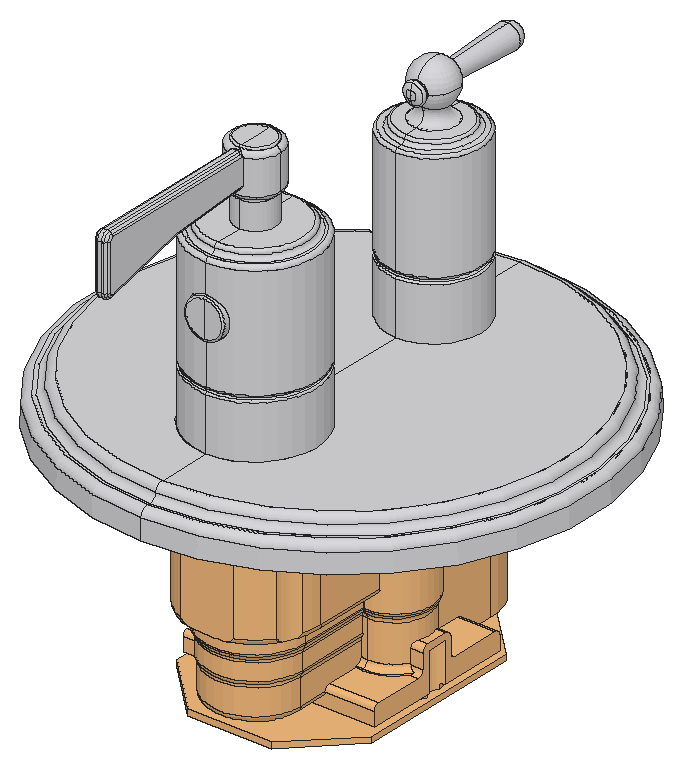
Revit family "Shower-Valve_Trim-KOHLER-MODULO-K-72818T_1", category Plumbing Fixtures, host Face, Revit 2017
Family settings
  Host = Face
  Round Connector Dimension = Use Diameter
  Part Type = Normal
  OmniClass Number = 23.31.25.00
  Cut with Voids When Loaded = No
  Shared = No
  Room Calculation Point = No
Parameters (values of type "CP-Polished Chrome")
  Width = 7 11/128"  # constant formula
  WaterSense Certified = 1 = 0  # no
  Waste Water Outlet = "Waste Water Outlet"  # constant formula
  Waste Connection = 1 = 0  # no
  Vent Connection = 1 = 0  # no
  URL = "http://www.kohler.com.cn/"
  Type = 1
  Tempered Water Outlet = "Tempered Water Outlet "  # constant formula
  Product Page URL = "https://www.kohler.com.cn/product/K-72818T-4/K-72818T-4-CP/"
  Product Name = "MODULO"  # constant formula
  Product Documentation Link = "https://files.kohler.com.cn/pdfs/1595311135200_1232851-2_A1.pdf"
  Pressure = 11.00 psi  # constant formula
  Model = "K-72818T-4-CP"  # constant formula
  Handle Clearance = 2 199/256"  # constant formula
  Material = "Premium Metal Construction"  # constant formula
  Master Format 2014 Name = "Residential Showers"  # constant formula
  Master Format 2014 = "22 42 23"  # constant formula
  Manufacturer Address = "Kohler Beijing Office (100016) 36-2-03-B, No. 88, Liuxiang Road, Beijing"  # constant formula
  Manufacturer = "KOHLER Co."  # constant formula
  Length = 4.23228"  # constant formula
  Hot Water Inlet = "Hot Water Inlet"  # constant formula
  Height = 7 11/128"  # constant formula
  HW Connection = 1 = 1  # yes
  Flow Rate = 0 GPM
  Finish = Kohler-Metal-CP-Polished_Chrome
  Environmental Product Declaration = ""
  Drain Included = 1 = 0  # no
  Description = "Smart matching valve core series Smart matching round thermostatic in-wall shower valve core and panel (Yaqi handle)"  # constant formula
  Default Elevation = 42"
  Declare Label = ""
  Date Modified = "10/09/2020"  # constant formula
  Date Created = "10/09/2020"  # constant formula
  Copyright = "Copyright KOHLER Co."  # constant formula
  Contact Us = "http://www.kohler.com.cn/contact/contact-us/"
  Cold Water Inlet = "Cold Water Inlet"  # constant formula
  CW Connection = 1 = 1  # yes
  Assembly Code = "D2010700"
  ADA Compliant = 1 = 0  # no
Reference planes (in)
  plane 1 "Center (Front/Back)": y = 0
  plane 2: z = 0
  plane 3 "Center (Left/Right)": x = 0
  plane 4: x = -3.54346
  plane 5: x = -0.86614
  plane 6: z = 3.53149
  plane 7: x = 0.63921
  plane 8: x = 3.54247
  plane 9: z = 0.59055
  plane 10: y = 3.54331
  plane 11: y = -3.54262
  plane 12: y = 2.30318
  plane 13: y = -0.6496
  plane 14: y = -2.38188
  plane 15: y = 3.11182
  plane 16: y = -4.29309
  plane 17: y = 1.63386
  plane 18: y = -1.51574
  plane 19: y = 0.96455
  plane 20: z = 4.23228
  plane 21: z = -3.10856
  plane 22: x = 0.86614
  plane 23: x = 0.66929
  plane 24: x = -0.66929
  plane 25: z = 3.84815
Forms (in)
  Extrusion 1, void
    sketch origin (0, 0, 0) x (1, 0, 0) y (0, 1, 0)
      loop
        line (-1.48074, 2.53101) -> (-1.48074, -2.531) -> (1.4733, -2.531) -> (1.4733, 2.53101) -> (-1.48074, 2.53101)
    from 0.251 to -3.10856
Dimensions and locks (in)
  "Width": plane 4 to plane 8
  "Height": plane 10 to plane 11
  "Handle Clearance": plane 18 to plane 16
  "Length": level to plane 20
  plane 17 to plane 18 = 3.14961"
  level to plane 9 = 0.59055"
  plane 15 to plane 17 = 1.47795"
  aligned and locked: plane 2 to host face
  aligned and locked: level to host face
Automatic sketch dimensions
  host sketch curve to host sketch curve = 96"  (x2)
  plane 5 to Extrusion 1 sketch curve = 0.6146"
  Extrusion 1 sketch curve to plane 7 = 0.83409"
  plane 1 "Center (Front/Back)" to Extrusion 1 sketch curve = 2.531"
  Extrusion 1 sketch curve to plane 1 "Center (Front/Back)" = 2.53101"
Nested families (in)
  nested 1: "K-72818T" at (0, 0, 0), type "K-72818T"
Connectors (in)
  piping at (-0.86614, 0, -3.10856), diameter 0.5, driven by "Flow Rate", driven by "HW Connection", driven by "Hot Water Inlet", driven by "Pressure"
    settings: on nested 1, index 1, connector inside diameter 24", connector length 0", flow factor 0, pipe flow 0 GPM, pressure drop 11.00 psi, fitting loss kfactor 0, connector angle 0.00°, fixture units 0, engagement length 0", angle of deflection 0.00°, flow configuration 0, flow direction 1, fitting loss method 4, system type 19, joint type 0, gender type 0, connector reference index -1, connector utility 1, adjustable connector no, is connector primary yes, connector description "Hot Water Inlet"
  piping at (0.86614, 0, -3.10856), diameter 0.5, driven by "Flow Rate", driven by "CW Connection", driven by "Cold Water Inlet", driven by "Pressure"
    settings: on nested 1, index 2, connector inside diameter 24", connector length 0", flow factor 0, pipe flow 0 GPM, pressure drop 11.00 psi, fitting loss kfactor 0, connector angle 0.00°, fixture units 0, engagement length 0", angle of deflection 0.00°, flow configuration 0, flow direction 1, fitting loss method 4, system type 20, joint type 0, gender type 0, connector reference index -1, connector utility 1, adjustable connector no, is connector primary no, connector description "Cold Water Inlet"
  piping at (0, -1.51574, -3.10856), diameter 0.5, driven by "Flow Rate", driven by "HW Connection", driven by "Tempered Water Outlet", driven by "Pressure"
    settings: on nested 1, index 3, connector inside diameter 24", connector length 0", flow factor 0, pipe flow 0 GPM, pressure drop 11.00 psi, fitting loss kfactor 0, connector angle 0.00°, fixture units 0, engagement length 0", angle of deflection 0.00°, flow configuration 0, flow direction 2, fitting loss method 4, system type 19, joint type 0, gender type 0, connector reference index -1, connector utility 1, adjustable connector no, is connector primary no, connector description "Tempered Water Outlet "
Definition of nested family "K-72818T"
  Parameters (values of type "K-72818T")
    Material = none
  Reference planes (in)
    plane 1 "Center (Front/Back)": y = 0
    plane 2: z = 0
    plane 3 "Center (Left/Right)": x = 0
    plane 4: x = 0.68992
    plane 5: z = 0.59055
    plane 6: x = -0.86614
    plane 7: z = 3.53149
    plane 8: x = 0.86614
    plane 9: x = -3.54346
    plane 10: x = 3.54346
    plane 11: x = -0.86614
    plane 12: x = -0.68992
    plane 13: y = 3.54331
    plane 14: z = 3.94689
    plane 15: y = -1.51574
    plane 16: y = 1.63386
    plane 17: y = -3.54331
    plane 18: y = -4.26974
    plane 19: y = 3.11182
  Forms (in)
    Revolve 1, solid, material <- "Material", detail levels medium+fine
      sketch origin (0, 0, 0) x (0, 1, 0) y (0, 0, 1)
        loop
          line (2.30316, 0.59055) -> (2.30316, 1.33633) -> (2.28121, 1.35827) -> (2.21457, 1.35827) -> (2.21457, 1.40551) -> (2.28349, 1.40551)
          arc (2.28349, 1.40551) -> (2.2974, 1.41127) -> (2.30316, 1.42517) r 0.01966
          line (2.30316, 1.42517) -> (2.30316, 2.92726)
          arc (2.30316, 2.92726) -> (2.29357, 2.95302) -> (2.26947, 2.96624) r 0.0394
          arc (2.26947, 2.96624) -> (2.23244, 2.97183) -> (2.19547, 2.97775) r 4.26932
          arc (2.19547, 2.97775) -> (2.1618, 2.9954) -> (2.14531, 3.02965) r 0.06048
          arc (2.14531, 3.02965) -> (2.13409, 3.05237) -> (2.1113, 3.06342) r 0.03908
          arc (2.1113, 3.06342) -> (2.02436, 3.0731) -> (1.93723, 3.0809) r 4.06962
          line (1.93723, 3.0809) -> (1.63386, 3.0809) -> (1.63386, 0.59055) -> (2.30316, 0.59055)
        axis (1.63386, 0.59055) -> (1.63386, 3.0809)
      angle from 0 to 360
    Revolve 2, solid, material <- "Material", detail levels medium+fine
      sketch origin (0, 0, 0) x (0, 1, 0) y (0, 0, 1)
        loop
          arc (3.11182, 3.5315) -> (3.05832, 3.65834) -> (2.93013, 3.70861) r 0.17711
          arc (2.93013, 3.70861) -> (2.42556, 3.6896) -> (1.92158, 3.65864) r 21.31025
          line (1.92158, 3.65864) -> (1.34918, 3.66557)
          arc (1.34918, 3.66557) -> (1.33185, 3.66437) -> (1.3173, 3.67385) r 0.02734
          arc (1.3173, 3.67385) -> (1.29141, 3.68619) -> (1.2658, 3.67326) r 0.03256
          arc (1.2658, 3.67326) -> (1.24559, 3.63898) -> (1.23367, 3.601) r 0.17443
          arc (1.23367, 3.601) -> (1.22875, 3.56641) -> (1.22719, 3.5315) r 0.36085
          line (1.22719, 3.5315) -> (3.11182, 3.5315)
        axis (1.22719, 3.5315) -> (3.11182, 3.5315)
      angle from 0 to 360
    Revolve 3, solid, material <- "Material", detail levels medium+fine
      sketch origin (0, 0, 0) x (0, 1, 0) y (0, 0, 1)
        loop
          line (-0.73818, 1.35827) -> (-0.73818, 1.40551) -> (-0.66929, 1.40551)
          arc (-0.66929, 1.40551) -> (-0.65537, 1.41128) -> (-0.6496, 1.4252) r 0.01969
          line (-0.6496, 1.4252) -> (-0.6496, 3.00145)
          arc (-0.6496, 3.00145) -> (-0.66647, 3.04218) -> (-0.70721, 3.05906) r 0.05761
          line (-0.70721, 3.05906) -> (-0.74905, 3.05906)
          arc (-0.74905, 3.05906) -> (-0.79373, 3.07976) -> (-0.80683, 3.12724) r 0.05857
          arc (-0.80683, 3.12724) -> (-0.81641, 3.162) -> (-0.84914, 3.17717) r 0.04289
          line (-0.84914, 3.17717) -> (-1.23793, 3.17717) -> (-1.23793, 3.54781)
          arc (-1.23793, 3.54781) -> (-1.21952, 3.59522) -> (-1.17394, 3.6178) r 0.07027
          line (-1.17394, 3.6178) -> (-1.51574, 3.6178) -> (-1.51574, 0.59055) -> (-0.6496, 0.59055) -> (-0.6496, 1.33857)
          arc (-0.6496, 1.33857) -> (-0.65537, 1.3525) -> (-0.6693, 1.35827) r 0.0197
          line (-0.6693, 1.35827) -> (-0.73818, 1.35827)
        axis (-1.51574, 3.6178) -> (-1.51574, 0.59055)
      angle from 0 to 360
    Revolve 4, solid, material <- "Material", detail levels medium+fine
      sketch origin (0, 0, 0) x (0, 1, 0) y (0, 0, 1)
        loop
          line (0, 0) -> (3.54331, 0) -> (3.53355, 0.27966)
          arc (3.53355, 0.27966) -> (3.49754, 0.36054) -> (3.41545, 0.3937) r 0.11817
          line (3.41545, 0.3937) -> (3.36864, 0.3937)
          arc (3.36864, 0.3937) -> (3.30242, 0.41956) -> (3.27123, 0.48345) r 0.09774
          arc (3.27123, 0.48345) -> (3.23401, 0.55969) -> (3.15497, 0.59055) r 0.11665
          line (3.15497, 0.59055) -> (0, 0.59055) -> (0, 0)
        axis (0, 0.59055) -> (0, 0)
      angle from 0 to 360
    Extrusion 5, void
      sketch origin (0, 0, 0) x (1, 0, 0) y (0, 0, 1)
        loop
          circle (-0.00009, 2.31112) r 0.29586
      from 2.26097 to 2.45027
    Revolve 6, solid, material <- "Material", detail levels medium+fine
      sketch origin (0, 0, 0) x (0, 1, 0) y (0, 0, 1)
        loop
          line (-2.20894, 2.30709) -> (-2.20894, 2.58267) -> (-2.40243, 2.58267)
          arc (-2.40243, 2.58267) -> (-2.41668, 2.57677) -> (-2.42259, 2.56251) r 0.02016
          line (-2.42259, 2.56251) -> (-2.42259, 2.30709) -> (-2.20894, 2.30709)
        axis (-2.42259, 2.30709) -> (-2.20894, 2.30709)
      angle from 0 to 360
    Revolve 7, solid, material <- "Material", detail levels medium+fine
      sketch origin (0, 0, 0) x (0, 1, 0) y (0, 0, 1)
        loop
          arc (1.94627, 3.5315) -> (1.85667, 3.75585) -> (1.63386, 3.84925) r 0.31245
          line (1.63386, 3.84925) -> (1.63386, 3.0809) -> (1.94606, 3.0809)
          arc (1.94606, 3.0809) -> (1.8255, 3.16065) -> (1.85174, 3.3028) r 0.13099
          arc (1.85174, 3.3028) -> (1.9207, 3.40818) -> (1.94627, 3.5315) r 0.33782
        axis (1.63386, 3.0809) -> (1.63386, 3.84925)
      angle from 0 to 360
    Extrusion 8, solid, detail levels medium+fine
      sketch origin (0, 0, 0) x (1, 0, 0) y (0, 1, 0)
        loop
          line (-1.37767, 1.18111) -> (-1.37767, -1.1811) -> (-0.59027, -1.9685) -> (0.59083, -1.9685) -> (1.37824, -1.1811) -> (1.37824, 1.18111) -> (0.59083, 1.96851) -> (-0.59027, 1.96851) -> (-1.37767, 1.18111)
      from -3.10856 to -3.02982
    Sweep 9, solid, detail levels medium+fine
      path origin (0, 0, 0) x (1, 0, 0) y (0, 1, 0)
        loop
          line (-0.92491, -0.41589) -> (-0.92491, -1.5195)
          arc (-0.92491, -1.5195) -> (0.00028, -2.4447) -> (0.92548, -1.5195) r 0.9252
          line (0.92548, -1.5195) -> (0.92548, -0.41589)
      profile origin (0.92548, -0.9677, 0) x (-1, 0, 0) y (0, 0, 1)
        loop
          line (0.28543, -2.38556) -> (0.28543, -2.75898)
          arc (0.28543, -2.75898) -> (0.30787, -2.81315) -> (0.36205, -2.83559) r 0.07662
          line (0.36205, -2.83559) -> (0.44974, -2.83559) -> (0.44974, -0.58973) -> (0.07368, -0.60286)
          arc (0.07368, -0.60286) -> (0.02143, -0.62613) -> (0, -0.67916) r 0.07634
          line (0, -0.67916) -> (0, -1.62756)
          arc (0, -1.62756) -> (0.0217, -1.68128) -> (0.07463, -1.70484) r 0.07733
          line (0.07463, -1.70484) -> (0.13089, -1.70681)
          arc (0.13089, -1.70681) -> (0.18465, -1.73074) -> (0.20669, -1.7853) r 0.07854
          line (0.20669, -1.7853) -> (0.20669, -1.92642)
          arc (0.20669, -1.92642) -> (0.209, -1.94396) -> (0.21577, -1.96031) r 0.06778
          line (0.21577, -1.96031) -> (0.24455, -2.01014)
          arc (0.24455, -2.01014) -> (0.25302, -2.03059) -> (0.25591, -2.05254) r 0.08479
          line (0.25591, -2.05254) -> (0.25591, -2.29306)
          arc (0.25591, -2.29306) -> (0.25921, -2.31427) -> (0.2688, -2.33347) r 0.06975
          arc (0.2688, -2.33347) -> (0.28118, -2.35822) -> (0.28543, -2.38556) r 0.08991
    Revolve 10, solid, detail levels medium+fine
      sketch origin (-0.75, 0, 0) x (0, 1, 0) y (0, 0, 1)
        loop
          line (0, -0.54951) -> (0, -3.02982) -> (0.55978, -3.02982) -> (0.55978, -2.67089)
          arc (0.55978, -2.67089) -> (0.50166, -2.64682) -> (0.47758, -2.58869) r 0.08221
          line (0.47758, -2.58869) -> (0.47758, -2.0613)
          arc (0.47758, -2.0613) -> (0.48165, -2.03038) -> (0.49358, -2.00157) r 0.11947
          line (0.49358, -2.00157) -> (0.51956, -1.95658)
          arc (0.51956, -1.95658) -> (0.52571, -1.94173) -> (0.52781, -1.92579) r 0.06157
          line (0.52781, -1.92579) -> (0.52781, -1.23823)
          arc (0.52781, -1.23823) -> (0.5313, -1.21167) -> (0.54156, -1.18691) r 0.10264
          line (0.54156, -1.18691) -> (0.55799, -1.15845)
          arc (0.55799, -1.15845) -> (0.56597, -1.13918) -> (0.5687, -1.11849) r 0.07992
          line (0.5687, -1.11849) -> (0.5687, -0.65974) -> (0.50858, -0.65974) -> (0.53151, -0.63682) -> (0.53151, -0.57221) -> (0.50881, -0.54951) -> (0, -0.54951)
        axis (0, -3.02982) -> (0, -0.54951)
      angle from 0 to 360
    Revolve 11, solid, detail levels medium+fine
      sketch origin (0.75057, 0, 0) x (0, 1, 0) y (0, 0, -1)
        loop
          line (0, 0.54951) -> (0.50881, 0.54951) -> (0.53151, 0.57221) -> (0.53151, 0.63682) -> (0.50858, 0.65974) -> (0.5687, 0.65974) -> (0.5687, 1.11849)
          arc (0.5687, 1.11849) -> (0.56597, 1.13918) -> (0.55799, 1.15845) r 0.07992
          line (0.55799, 1.15845) -> (0.54156, 1.18691)
          arc (0.54156, 1.18691) -> (0.5313, 1.21167) -> (0.52781, 1.23823) r 0.10264
          line (0.52781, 1.23823) -> (0.52781, 1.92579)
          arc (0.52781, 1.92579) -> (0.52571, 1.94173) -> (0.51956, 1.95658) r 0.06157
          line (0.51956, 1.95658) -> (0.49358, 2.00157)
          arc (0.49358, 2.00157) -> (0.48165, 2.03038) -> (0.47758, 2.0613) r 0.11947
          line (0.47758, 2.0613) -> (0.47758, 2.58869)
          arc (0.47758, 2.58869) -> (0.50166, 2.64682) -> (0.55978, 2.67089) r 0.08221
          line (0.55978, 2.67089) -> (0.55978, 3.02982) -> (0, 3.02982) -> (0, 0.54951)
        axis (0, 3.02982) -> (0, 0.54951)
      angle from 0 to 360
    Sweep 12, solid, detail levels medium+fine
      path origin (0, 0, 0) x (1, 0, 0) y (0, 1, 0)
        loop
          line (0.80737, 0.45838) -> (0.80737, 1.63383)
          arc (0.80737, 1.63383) -> (0.00028, 2.44092) -> (-0.8068, 1.63383) r 0.80709
          line (-0.8068, 1.63383) -> (-0.8068, 0.45838)
      profile origin (0.80737, 1.04611, 0) x (-1, 0, 0) y (0, 0, 1)
        loop
          line (0, -0.92298) -> (0, -2.95502) -> (0.25, -2.95502) -> (0.25, -0.8288) -> (0.08539, -0.83455)
          arc (0.08539, -0.83455) -> (0.02483, -0.86151) -> (0, -0.92298) r 0.08848
    Revolve 13, solid, detail levels medium+fine
      sketch origin (0, 0, 0) x (0, 1, 0) y (0, 0, 1)
        loop
          line (-2.35815, -0.45502) -> (-2.25401, -0.45502)
          arc (-2.25401, -0.45502) -> (-2.28294, -0.56158) -> (-2.38189, -0.61059) r 0.13451
          line (-2.38189, -0.61059) -> (-2.38189, -0.89265) -> (-1.51574, -0.89265) -> (-1.51574, 0) -> (-2.38189, 0) -> (-2.38189, -0.43128) -> (-2.35815, -0.45502)
        axis (-1.51574, 0) -> (-1.51574, -0.89265)
      angle from 0 to 360
    Revolve 14, solid, detail levels medium+fine
      sketch origin (0.00027, 0, 0) x (0, 1, 0) y (0, 0, 1)
        loop
          line (0.96457, -0.75029) -> (1.00081, -0.75029) -> (1.00081, -1.00029) -> (1.63386, -1.00029) -> (1.63386, 0) -> (0.96457, 0) -> (0.96457, -0.75029)
        axis (1.63386, 0) -> (1.63386, -1.00029)
      angle from 0 to 360
    Extrusion 15, solid, detail levels medium+fine
      sketch origin (0, 0, 0) x (0, 1, 0) y (0, 0, 1)
        loop
          line (-0.31692, -2.68552) -> (-1.02842, -2.68552)
          arc (-1.02842, -2.68552) -> (-1.08017, -2.70696) -> (-1.10161, -2.75871) r 0.07319
          line (-1.10161, -2.75871) -> (-1.10161, -2.95561) -> (1.10162, -2.95561) -> (1.10162, -2.75928)
          arc (1.10162, -2.75928) -> (1.08001, -2.70712) -> (1.02786, -2.68552) r 0.07376
          line (1.02786, -2.68552) -> (0.31677, -2.68552)
          arc (0.31677, -2.68552) -> (0.26169, -2.66271) -> (0.23888, -2.60763) r 0.07789
          line (0.23888, -2.60763) -> (0.23888, -2.40213)
          arc (0.23888, -2.40213) -> (0.21516, -2.34488) -> (0.1579, -2.32116) r 0.08097
          line (0.1579, -2.32116) -> (-0.15768, -2.32116)
          arc (-0.15768, -2.32116) -> (-0.21509, -2.34494) -> (-0.23887, -2.40235) r 0.08119
          line (-0.23887, -2.40235) -> (-0.23887, -2.60748)
          arc (-0.23887, -2.60748) -> (-0.26173, -2.66266) -> (-0.31692, -2.68552) r 0.07804
      from -1.34814 to 1.34871
    Extrusion 16, void
      sketch origin (0, 0, 0) x (1, 0, 0) y (0, 1, 0)
        loop
          line (1.38084, -0.15608) -> (1.38084, 0.15609)
          arc (1.38084, 0.15609) -> (1.23887, 0) -> (1.38084, -0.15608) r 0.15679
        loop
          arc (-1.38027, -0.15608) -> (-1.23831, 0) -> (-1.38027, 0.15609) r 0.15679
          line (-1.38027, 0.15609) -> (-1.38027, -0.15608)
      from -3.02982 to -2.40384
    Extrusion 17, void
      sketch origin (0, 0, 0) x (1, 0, 0) y (0, 1, 0)
        loop
          line (-0.91353, -1.76965) -> (-0.75045, -2.11937)
          arc (-0.75045, -2.11937) -> (-0.77679, -1.91877) -> (-0.91353, -1.76965) r 0.33605
        loop
          arc (-0.40375, -2.36659) -> (0.00294, -2.46753) -> (0.40963, -2.36659) r 0.86978
          arc (0.40963, -2.36659) -> (0.00294, -2.36446) -> (-0.40375, -2.36659) r 38.76517
        loop
          arc (0.91409, -1.76965) -> (0.77735, -1.91877) -> (0.75101, -2.11937) r 0.33605
          line (0.75101, -2.11937) -> (0.91409, -1.76965)
      from -1.75423 to -0.59202
    Extrusion 18, void
      sketch origin (0, 0, 0) x (1, 0, 0) y (0, 1, 0)
        loop
          line (-0.32587, 2.38189) -> (0.32644, 2.38189)
          arc (0.32644, 2.38189) -> (0.00028, 2.4499) -> (-0.32587, 2.38189) r 0.81607
      from -2.55014 to -0.83455
    Extrusion 19, void
      sketch origin (0, 0, 0) x (1, 0, 0) y (0, 1, 0)
        loop
          line (-0.56985, 2.26687) -> (0.56306, 2.26687)
          arc (0.56306, 2.26687) -> (-0.00339, 2.49557) -> (-0.56985, 2.26687) r 0.81586
      from -2.95502 to -2.44776
    Extrusion 20, solid, detail levels medium+fine
      sketch origin (0, 0, 0) x (1, 0, 0) y (0, 1, 0)
        loop
          arc (-0.47518, -1.5195) -> (0.00028, -1.99496) -> (0.47574, -1.5195) r 0.47546
          line (0.47574, -1.5195) -> (0.47574, -0.5195) -> (-0.47518, -0.5195) -> (-0.47518, -1.5195)
      from -2.83559 to -0.61059
    Extrusion 21, solid, detail levels medium+fine
      sketch origin (0, 0, 0) x (1, 0, 0) y (0, 1, 0)
        loop
          arc (0.55737, 1.63383) -> (0.00028, 2.19092) -> (-0.5568, 1.63383) r 0.55709
          line (-0.5568, 1.63383) -> (-0.5568, 0.55399) -> (0.55737, 0.55399) -> (0.55737, 1.63383)
      from -2.95502 to -0.83455
    Extrusion 22, void
      sketch origin (0, 0, 0) x (1, 0, 0) y (0, 1, 0)
        loop
          line (-0.4131, -0.03937) -> (-0.4131, 0.03937) -> (-0.61768, 0.03937)
          arc (-0.61768, 0.03937) -> (-0.88805, 0) -> (-0.61768, -0.03937) r 0.13805
          line (-0.61768, -0.03937) -> (-0.4131, -0.03937)
      from -0.58973 to -0.50052
    Extrusion 23, void
      sketch origin (0.00055, 0, 0) x (-1, 0, 0) y (0, -1, 0)
        loop
          line (-0.4131, 0.03937) -> (-0.61768, 0.03937)
          arc (-0.61768, 0.03937) -> (-0.88805, 0) -> (-0.61768, -0.03937) r 0.13805
          line (-0.61768, -0.03937) -> (-0.4131, -0.03937) -> (-0.4131, 0.03937)
      from -0.58973 to -0.50052
    Revolve 24, void
      sketch origin (-0.01266, -3.01609, 0.43381) x (0, 1, 0) y (0, 0, 1)
        loop
          line (2.39693, 0.17161) -> (1.50037, 0.17161) -> (1.50037, 0.07318) -> (2.37637, 0.07318) -> (2.37637, 0.15105)
          arc (2.37637, 0.15105) -> (2.38239, 0.16558) -> (2.39693, 0.17161) r 0.02056
        axis (1.50037, 0.07318) -> (1.50037, 0.17161)
      angle from 0 to 360
    Extrusion 25, solid, detail levels medium+fine
      sketch origin (0, 0, 0) x (1, 0, 0) y (0, 1, 0)
        loop
          circle (0, 1.63386) r 0.07874
        loop
          circle (0, -1.51574) r 0.07874
        loop
          circle (0.86614, 0) r 0.07874
        loop
          circle (-0.86614, 0) r 0.07874
      from -3.10856 to -3.02982
    Sweep 26, solid, material <- "Material", detail levels medium+fine
      path origin (0, 0, 0) x (1, 0, 0) y (0, 1, 0)
        loop
          circle (0, -1.51574) r 0.28344
      profile origin (0, -1.2323, 0) x (0, -1, 0) y (0, 0, 1)
        loop
          arc (0, 4.20657) -> (-0.0519, 4.18737) -> (-0.07373, 4.13652) r 0.07014
          line (-0.07373, 4.13652) -> (-0.07373, 3.65006)
          arc (-0.07373, 3.65006) -> (-0.06969, 3.6322) -> (-0.05836, 3.6178) r 0.04155
          line (-0.05836, 3.6178) -> (0, 3.6178) -> (0, 4.20657)
    Sweep 27, solid, material <- "Material", detail levels medium+fine
      path origin (0, 0, 0) x (0, 1, 0) y (0, 0, 1)
        loop
          line (-1.87517, 4.13732) -> (-4.15199, 4.13732)
          arc (-4.15199, 4.13732) -> (-4.17983, 4.12579) -> (-4.19136, 4.09795) r 0.03937
          line (-4.19136, 4.09795) -> (-4.19136, 3.4517)
          arc (-4.19136, 3.4517) -> (-4.17499, 3.41975) -> (-4.1395, 3.41436) r 0.03937
          arc (-4.1395, 3.41436) -> (-3.02229, 3.68934) -> (-1.87529, 3.77958) r 7.07404
          arc (-1.87529, 3.77958) -> (-1.84737, 3.79107) -> (-1.8358, 3.81895) r 0.03937
          line (-1.8358, 3.81895) -> (-1.8358, 4.09795)
          arc (-1.8358, 4.09795) -> (-1.84733, 4.12579) -> (-1.87517, 4.13732) r 0.03937
      profile origin (0, -3.01358, 4.13732) x (0, 0, -1) y (1, 0, 0)
        loop
          line (0, -0.09568) -> (0, 0.09568)
          arc (0, 0.09568) -> (-0.01659, 0.09071) -> (-0.03067, 0.08064) r 0.05281
          line (-0.03067, 0.08064) -> (-0.05752, 0.05379)
          arc (-0.05752, 0.05379) -> (-0.06624, 0.04069) -> (-0.06925, 0.02523) r 0.04005
          line (-0.06925, 0.02523) -> (-0.06925, -0.02523)
          arc (-0.06925, -0.02523) -> (-0.06624, -0.04069) -> (-0.05752, -0.05379) r 0.04005
          line (-0.05752, -0.05379) -> (-0.03067, -0.08064)
          arc (-0.03067, -0.08064) -> (-0.01659, -0.09071) -> (0, -0.09568) r 0.05281
    Extrusion 28, solid, material <- "Material", detail levels medium+fine
      sketch origin (0, 0, 0) x (0, 1, 0) y (0, 0, 1)
        loop
          arc (-4.15199, 4.13732) -> (-4.17983, 4.12579) -> (-4.19136, 4.09795) r 0.03937
          line (-4.19136, 4.09795) -> (-4.19136, 3.4517)
          arc (-4.19136, 3.4517) -> (-4.17499, 3.41975) -> (-4.1395, 3.41436) r 0.03937
          arc (-4.1395, 3.41436) -> (-3.02229, 3.68934) -> (-1.87529, 3.77958) r 7.07404
          arc (-1.87529, 3.77958) -> (-1.84737, 3.79107) -> (-1.8358, 3.81895) r 0.03937
          line (-1.8358, 3.81895) -> (-1.8358, 4.09795)
          arc (-1.8358, 4.09795) -> (-1.84733, 4.12579) -> (-1.87517, 4.13732) r 0.03937
          line (-1.87517, 4.13732) -> (-4.15199, 4.13732)
      from -0.09568 to 0.09568
    Revolve 29, solid, material <- "Material", detail levels medium+fine
      sketch origin (0, 0, 0) x (0, 1, 0) y (0, 0, 1)
        loop
          line (-1.2323, 3.6178) -> (-1.2323, 4.2041)
          arc (-1.2323, 4.2041) -> (-1.23889, 4.22) -> (-1.25478, 4.22658) r 0.02248
          line (-1.25478, 4.22658) -> (-1.51574, 4.22658) -> (-1.51574, 3.6178) -> (-1.2323, 3.6178)
        axis (-1.51574, 3.6178) -> (-1.51574, 4.22658)
      angle from 0 to 360
    Revolve 30, solid, material <- "Material", detail levels coarse
      sketch origin (0, 0, 0) x (0, 1, 0) y (0, 0, 1)
        loop
          line (3.54331, 0) -> (3.54331, 0.59055) -> (0, 0.59055) -> (0, 0) -> (3.54331, 0)
        axis (0, 0) -> (0, 0.59055)
      angle from 0 to 360
    Revolve 31, solid, material <- "Material", detail levels coarse
      sketch origin (0, 0, 0) x (0, 1, 0) y (0, 0, 1)
        loop
          line (2.30316, 0.59055) -> (2.30316, 3.84525) -> (1.63386, 3.84525) -> (1.63386, 0.59055) -> (2.30316, 0.59055)
        axis (1.63386, 0.59055) -> (1.63386, 3.84525)
      angle from 0 to 360
    Revolve 32, solid, material <- "Material", detail levels coarse
      sketch origin (0, 0, 0) x (0, 1, 0) y (0, 0, 1)
        loop
          line (1.91667, 3.74083) -> (1.91667, 3.53149) -> (3.11888, 3.53149) -> (3.11888, 3.74083) -> (1.91667, 3.74083)
        axis (1.91667, 3.53149) -> (3.11888, 3.53149)
      angle from 0 to 360
    Revolve 33, solid, material <- "Material", detail levels coarse
      sketch origin (0, 0, 0) x (0, 1, 0) y (0, 0, 1)
        loop
          line (-0.6496, 0.59055) -> (-0.6496, 4.24046) -> (-1.51574, 4.24046) -> (-1.51574, 0.59055) -> (-0.6496, 0.59055)
        axis (-1.51574, 0.59055) -> (-1.51574, 4.24046)
      angle from 0 to 360
    Extrusion 34, solid, material <- "Material", detail levels coarse
      sketch origin (0, 0, 0) x (0, 1, 0) y (0, 0, 1)
        loop
          line (-2.3075, 4.24046) -> (-4.26974, 4.24046) -> (-4.26974, 3.25348) -> (-2.3075, 3.6349) -> (-2.3075, 4.24046)
      from -0.09568 to 0.09568
    Extrusion 35, solid, detail levels coarse
      sketch origin (-0.22638, 0, 0) x (1, 0, 0) y (0, 1, 0)
        loop
          line (-1.24186, 2.38189) -> (-1.32846, 2.29529) -> (-1.32846, -2.01037) -> (-0.95693, -2.38189) -> (0.98661, -2.38189) -> (1.60461, -1.76389) -> (1.60461, 1.76389) -> (0.98661, 2.38189) -> (-1.24186, 2.38189)
      from 0 to -3.10856
  Cuts and joins
    Extrusion 5 cuts Revolve 3
    Revolve 24 cuts Revolve 4
    joined: Revolve 1, Revolve 2, Revolve 3, Revolve 4, Revolve 6
    Extrusion 16, Extrusion 22, Extrusion 23 cuts Revolve 10
    Extrusion 16, Extrusion 23 cuts Revolve 11
    Extrusion 16, Extrusion 23 cuts Extrusion 15
    joined: Revolve 10, Revolve 11, Extrusion 15
    Extrusion 17 cuts Sweep 9
    Extrusion 18, Extrusion 19 cuts Sweep 12
    Extrusion 17 cuts Revolve 13
    joined: Extrusion 8, Sweep 9, Sweep 12, Revolve 13, Revolve 14, Extrusion 20, Extrusion 21
    joined: Revolve 30, Revolve 31, Revolve 32, Revolve 33, Extrusion 34
  Lines and regions (in)
    Masking region 1
      outline origin (0, 0, 0) x (1, 0, 0) y (0, 1, 0)
        loop
          arc (-3.54352, 0) -> (-2.53925, -2.47155) -> (-0.09568, -3.54213) r 3.54342
          line (-0.09568, -3.54213) -> (-0.09568, -4.19917)
          arc (-0.09568, -4.19917) -> (-0.09209, -4.21435) -> (-0.08327, -4.22721) r 0.04253
          line (-0.08327, -4.22721) -> (-0.05379, -4.25669)
          arc (-0.05379, -4.25669) -> (-0.04069, -4.26542) -> (-0.02523, -4.26842) r 0.04005
          line (-0.02523, -4.26842) -> (0.02523, -4.26842)
          arc (0.02523, -4.26842) -> (0.04069, -4.26542) -> (0.05379, -4.25669) r 0.04005
          line (0.05379, -4.25669) -> (0.08327, -4.22721)
          arc (0.08327, -4.22721) -> (0.09209, -4.21435) -> (0.09568, -4.19917) r 0.04253
          line (0.09568, -4.19917) -> (0.09568, -3.54213)
          arc (0.09568, -3.54213) -> (2.53911, -2.47148) -> (3.54332, 0) r 3.54342
          arc (3.54332, 0) -> (-0.0001, 3.54342) -> (-3.54352, 0) r 3.54342
    Masking region 2
      outline origin (0, 0, 0) x (1, 0, 0) y (0, 0, 1)
        loop
          line (3.4156, 0.3937) -> (3.36879, 0.3937)
          arc (3.36879, 0.3937) -> (3.30257, 0.41956) -> (3.27138, 0.48345) r 0.09774
          arc (3.27138, 0.48345) -> (3.23416, 0.55969) -> (3.15512, 0.59055) r 0.11665
          line (3.15512, 0.59055) -> (0.86614, 0.59055) -> (0.86614, 1.33857)
          arc (0.86614, 1.33857) -> (0.86037, 1.3525) -> (0.84645, 1.35827) r 0.0197
          line (0.84645, 1.35827) -> (0.77756, 1.35827) -> (0.77756, 1.40551) -> (0.84645, 1.40551)
          arc (0.84645, 1.40551) -> (0.86037, 1.41128) -> (0.86614, 1.4252) r 0.01969
          line (0.86614, 1.4252) -> (0.86614, 3.00145)
          arc (0.86614, 3.00145) -> (0.84913, 3.04218) -> (0.80839, 3.05906) r 0.05761
          line (0.80839, 3.05906) -> (0.76655, 3.05906)
          arc (0.76655, 3.05906) -> (0.72187, 3.07976) -> (0.70877, 3.12724) r 0.05857
          arc (0.70877, 3.12724) -> (0.69918, 3.162) -> (0.66646, 3.17717) r 0.04289
          line (0.66646, 3.17717) -> (0.63549, 3.17717) -> (0.27763, 3.17717) -> (0.27763, 3.39021)
          arc (0.27763, 3.39021) -> (0.31088, 3.49544) -> (0.30408, 3.60559) r 0.30179
          arc (0.30408, 3.60559) -> (0.32276, 3.61226) -> (0.3418, 3.6178) r 0.33252
          arc (0.3418, 3.6178) -> (0.35395, 3.63411) -> (0.35863, 3.65389) r 0.05022
          line (0.35863, 3.65389) -> (0.35863, 4.12949)
          arc (0.35863, 4.12949) -> (0.34776, 4.16983) -> (0.31808, 4.19925) r 0.08027
          arc (0.31808, 4.19925) -> (0.30133, 4.20561) -> (0.28344, 4.20657) r 0.05814
          arc (0.28344, 4.20657) -> (0.27538, 4.22147) -> (0.25912, 4.22626) r 0.02206
          line (0.25912, 4.22626) -> (-0.25912, 4.22626)
          arc (-0.25912, 4.22626) -> (-0.27538, 4.22147) -> (-0.28344, 4.20657) r 0.02206
          arc (-0.28344, 4.20657) -> (-0.30133, 4.20561) -> (-0.31808, 4.19925) r 0.05814
          arc (-0.31808, 4.19925) -> (-0.34776, 4.16983) -> (-0.35863, 4.12949) r 0.08027
          line (-0.35863, 4.12949) -> (-0.35863, 3.65389)
          arc (-0.35863, 3.65389) -> (-0.35395, 3.63411) -> (-0.3418, 3.6178) r 0.05022
          arc (-0.3418, 3.6178) -> (-0.32276, 3.61226) -> (-0.30408, 3.60559) r 0.33252
          arc (-0.30408, 3.60559) -> (-0.31088, 3.49544) -> (-0.27763, 3.39021) r 0.30179
          line (-0.27763, 3.39021) -> (-0.27763, 3.17717) -> (-0.66675, 3.17717)
          arc (-0.66675, 3.17717) -> (-0.69947, 3.162) -> (-0.70906, 3.12724) r 0.04289
          arc (-0.70906, 3.12724) -> (-0.72215, 3.07976) -> (-0.76684, 3.05906) r 0.05857
          line (-0.76684, 3.05906) -> (-0.80868, 3.05906)
          arc (-0.80868, 3.05906) -> (-0.84795, 3.04359) -> (-0.86614, 3.0055) r 0.05761
          line (-0.86614, 3.0055) -> (-0.86614, 1.4252)
          arc (-0.86614, 1.4252) -> (-0.86037, 1.41128) -> (-0.84645, 1.40551) r 0.01969
          line (-0.84645, 1.40551) -> (-0.77756, 1.40551) -> (-0.77756, 1.35827) -> (-0.84645, 1.35827)
          arc (-0.84645, 1.35827) -> (-0.86037, 1.3525) -> (-0.86614, 1.33857) r 0.0197
          line (-0.86614, 1.33857) -> (-0.86614, 0.59055) -> (-3.15512, 0.59055)
          arc (-3.15512, 0.59055) -> (-3.23416, 0.55969) -> (-3.27138, 0.48345) r 0.11665
          arc (-3.27138, 0.48345) -> (-3.30257, 0.41956) -> (-3.36879, 0.3937) r 0.09774
          line (-3.36879, 0.3937) -> (-3.4156, 0.3937)
          arc (-3.4156, 0.3937) -> (-3.49769, 0.36054) -> (-3.5337, 0.27966) r 0.11817
          line (-3.5337, 0.27966) -> (-3.54346, 0) -> (0, 0) -> (3.54346, 0) -> (3.5337, 0.27966)
          arc (3.5337, 0.27966) -> (3.49769, 0.36054) -> (3.4156, 0.3937) r 0.11817
    Masking region 3
      outline origin (0, 0, 0) x (0, 1, 0) y (0, 0, 1)
        loop
          line (3.41545, 0.3937) -> (3.36864, 0.3937)
          arc (3.36864, 0.3937) -> (3.30242, 0.41956) -> (3.27123, 0.48345) r 0.09774
          arc (3.27123, 0.48345) -> (3.23401, 0.55969) -> (3.15497, 0.59055) r 0.11665
          line (3.15497, 0.59055) -> (2.30316, 0.59055) -> (2.30316, 1.33633) -> (2.28121, 1.35827) -> (2.21457, 1.35827) -> (2.21457, 1.40551) -> (2.28349, 1.40551)
          arc (2.28349, 1.40551) -> (2.2974, 1.41127) -> (2.30316, 1.42517) r 0.01966
          line (2.30316, 1.42517) -> (2.30316, 2.92726)
          arc (2.30316, 2.92726) -> (2.29357, 2.95302) -> (2.26947, 2.96624) r 0.0394
          arc (2.26947, 2.96624) -> (2.23244, 2.97183) -> (2.19547, 2.97775) r 4.26932
          arc (2.19547, 2.97775) -> (2.1618, 2.9954) -> (2.14531, 3.02965) r 0.06048
          arc (2.14531, 3.02965) -> (2.13409, 3.05237) -> (2.1113, 3.06342) r 0.03908
          arc (2.1113, 3.06342) -> (2.02436, 3.0731) -> (1.93723, 3.0809) r 4.06962
          arc (1.93723, 3.0809) -> (1.84114, 3.13421) -> (1.81838, 3.24171) r 0.13241
          arc (1.81838, 3.24171) -> (1.8248, 3.26433) -> (1.83377, 3.28606) r 0.20507
          arc (1.83377, 3.28606) -> (1.88475, 3.33996) -> (1.92158, 3.40435) r 0.31245
          arc (1.92158, 3.40435) -> (2.42556, 3.37339) -> (2.93013, 3.35438) r 21.31025
          arc (2.93013, 3.35438) -> (3.05832, 3.40465) -> (3.11182, 3.5315) r 0.17711
          arc (3.11182, 3.5315) -> (3.05832, 3.65834) -> (2.93014, 3.70855) r 0.17711
          arc (2.93014, 3.70855) -> (2.42556, 3.6896) -> (1.92158, 3.65864) r 21.31025
          arc (1.92158, 3.65864) -> (1.63765, 3.84923) -> (1.34918, 3.66557) r 0.31245
          arc (1.34918, 3.66557) -> (1.33185, 3.66437) -> (1.3173, 3.67385) r 0.02734
          arc (1.3173, 3.67385) -> (1.29141, 3.68619) -> (1.2658, 3.67326) r 0.03256
          arc (1.2658, 3.67326) -> (1.24559, 3.63898) -> (1.23367, 3.601) r 0.17443
          arc (1.23367, 3.601) -> (1.22875, 3.56641) -> (1.22719, 3.5315) r 0.36085
          arc (1.22719, 3.5315) -> (1.22875, 3.49658) -> (1.23367, 3.46199) r 0.36085
          arc (1.23367, 3.46199) -> (1.24559, 3.42401) -> (1.2658, 3.38973) r 0.17443
          arc (1.2658, 3.38973) -> (1.29141, 3.37681) -> (1.3173, 3.38914) r 0.03256
          arc (1.3173, 3.38914) -> (1.33185, 3.39862) -> (1.34918, 3.39742) r 0.02734
          arc (1.34918, 3.39742) -> (1.38525, 3.33693) -> (1.43396, 3.28606) r 0.31245
          arc (1.43396, 3.28606) -> (1.44292, 3.26433) -> (1.44935, 3.24171) r 0.20507
          arc (1.44935, 3.24171) -> (1.42659, 3.13421) -> (1.3305, 3.0809) r 0.13241
          arc (1.3305, 3.0809) -> (1.24337, 3.0731) -> (1.15643, 3.06342) r 4.06962
          arc (1.15643, 3.06342) -> (1.13364, 3.05237) -> (1.12242, 3.02965) r 0.03908
          arc (1.12242, 3.02965) -> (1.10593, 2.9954) -> (1.07226, 2.97775) r 0.06048
          arc (1.07226, 2.97775) -> (1.03529, 2.97183) -> (0.99826, 2.96624) r 4.26932
          arc (0.99826, 2.96624) -> (0.97416, 2.95302) -> (0.96457, 2.92726) r 0.0394
          line (0.96457, 2.92726) -> (0.96457, 1.42517)
          arc (0.96457, 1.42517) -> (0.97033, 1.41127) -> (0.98424, 1.40551) r 0.01966
          line (0.98424, 1.40551) -> (1.05316, 1.40551) -> (1.05316, 1.35827) -> (0.98652, 1.35827) -> (0.96457, 1.33633) -> (0.96457, 0.59055) -> (-0.6496, 0.59055) -> (-0.6496, 1.33857)
          arc (-0.6496, 1.33857) -> (-0.65537, 1.3525) -> (-0.6693, 1.35827) r 0.0197
          line (-0.6693, 1.35827) -> (-0.73818, 1.35827) -> (-0.73818, 1.40551) -> (-0.66929, 1.40551)
          arc (-0.66929, 1.40551) -> (-0.65537, 1.41128) -> (-0.6496, 1.4252) r 0.01969
          line (-0.6496, 1.4252) -> (-0.6496, 3.00145)
          arc (-0.6496, 3.00145) -> (-0.66647, 3.04218) -> (-0.70721, 3.05906) r 0.05761
          line (-0.70721, 3.05906) -> (-0.74905, 3.05906)
          arc (-0.74905, 3.05906) -> (-0.79373, 3.07976) -> (-0.80683, 3.12724) r 0.05857
          arc (-0.80683, 3.12724) -> (-0.81641, 3.162) -> (-0.84914, 3.17717) r 0.04289
          line (-0.84914, 3.17717) -> (-0.88011, 3.17717) -> (-1.23793, 3.17717) -> (-1.23793, 3.53149)
          arc (-1.23793, 3.53149) -> (-1.22019, 3.58521) -> (-1.17394, 3.6178) r 0.0902
          arc (-1.17394, 3.6178) -> (-1.16369, 3.62911) -> (-1.15998, 3.64392) r 0.03141
          line (-1.15998, 3.64392) -> (-1.15998, 4.14367)
          arc (-1.15998, 4.14367) -> (-1.18181, 4.1916) -> (-1.2323, 4.20657) r 0.06351
          arc (-1.2323, 4.20657) -> (-1.23918, 4.22087) -> (-1.25395, 4.22667) r 0.02171
          line (-1.25395, 4.22667) -> (-1.77753, 4.22667)
          arc (-1.77753, 4.22667) -> (-1.7923, 4.22087) -> (-1.79918, 4.20657) r 0.02171
          line (-1.79918, 4.20657) -> (-4.15199, 4.20657)
          arc (-4.15199, 4.20657) -> (-4.22879, 4.17476) -> (-4.26061, 4.09795) r 0.10862
          line (-4.26061, 4.09795) -> (-4.26061, 3.4517)
          arc (-4.26061, 3.4517) -> (-4.21546, 3.36355) -> (-4.11754, 3.34869) r 0.10862
          arc (-4.11754, 3.34869) -> (-3.01015, 3.62116) -> (-1.87323, 3.71033) r 7.0048
          line (-1.87323, 3.71033) -> (-1.87323, 3.64941)
          arc (-1.87323, 3.64941) -> (-1.86909, 3.63176) -> (-1.85754, 3.6178) r 0.03969
          arc (-1.85754, 3.6178) -> (-1.8113, 3.58521) -> (-1.79356, 3.53149) r 0.0902
          line (-1.79356, 3.53149) -> (-1.79356, 3.17717) -> (-2.18235, 3.17717)
          arc (-2.18235, 3.17717) -> (-2.21507, 3.162) -> (-2.22466, 3.12724) r 0.04289
          arc (-2.22466, 3.12724) -> (-2.23775, 3.07976) -> (-2.28243, 3.05906) r 0.05857
          line (-2.28243, 3.05906) -> (-2.32427, 3.05906)
          arc (-2.32427, 3.05906) -> (-2.36501, 3.04218) -> (-2.38188, 3.00145) r 0.05761
          line (-2.38188, 3.00145) -> (-2.38188, 2.58267) -> (-2.41292, 2.58267)
          arc (-2.41292, 2.58267) -> (-2.42008, 2.56783) -> (-2.42255, 2.55154) r 0.05516
          line (-2.42255, 2.55154) -> (-2.42255, 2.06263)
          arc (-2.42255, 2.06263) -> (-2.42008, 2.04634) -> (-2.41292, 2.0315) r 0.05516
          line (-2.41292, 2.0315) -> (-2.38188, 2.0315) -> (-2.38188, 1.4252)
          arc (-2.38188, 1.4252) -> (-2.37612, 1.41128) -> (-2.36219, 1.40551) r 0.01969
          line (-2.36219, 1.40551) -> (-2.2933, 1.40551) -> (-2.2933, 1.35827) -> (-2.36219, 1.35827)
          arc (-2.36219, 1.35827) -> (-2.37611, 1.3525) -> (-2.38188, 1.33857) r 0.0197
          line (-2.38188, 1.33857) -> (-2.38188, 0.59055) -> (-3.15497, 0.59055)
          arc (-3.15497, 0.59055) -> (-3.23401, 0.55969) -> (-3.27123, 0.48345) r 0.11665
          arc (-3.27123, 0.48345) -> (-3.30242, 0.41956) -> (-3.36864, 0.3937) r 0.09774
          line (-3.36864, 0.3937) -> (-3.41545, 0.3937)
          arc (-3.41545, 0.3937) -> (-3.49754, 0.36054) -> (-3.53355, 0.27966) r 0.11817
          line (-3.53355, 0.27966) -> (-3.54331, 0) -> (3.54331, 0) -> (3.53355, 0.27966)
          arc (3.53355, 0.27966) -> (3.49754, 0.36054) -> (3.41545, 0.3937) r 0.11817
    Masking region 4
      outline origin (0, 0, 0) x (0, 1, 0) y (0, 0, 1)
        loop
          line (-2.15557, -2.3854) -> (-2.15557, -2.78029)
          arc (-2.15557, -2.78029) -> (-2.13313, -2.83447) -> (-2.07895, -2.85691) r 0.07662
          line (-2.07895, -2.85691) -> (-1.2781, -2.85691)
          arc (-1.2781, -2.85691) -> (-1.22003, -2.88972) -> (-1.20644, -2.95502) r 0.08076
          line (-1.20644, -2.95502) -> (-1.02572, -2.95502)
          arc (-1.02572, -2.95502) -> (-1.06313, -2.99242) -> (-1.02572, -3.02982) r 0.0374
          line (-1.02572, -3.02982) -> (-1.9685, -3.02982) -> (-1.9685, -3.10856) -> (1.9685, -3.10856) -> (1.9685, -3.02982) -> (1.02572, -3.02982)
          arc (1.02572, -3.02982) -> (1.06313, -2.99242) -> (1.02572, -2.95502) r 0.0374
          line (1.02572, -2.95502) -> (2.28299, -2.95502) -> (2.28299, -2.54113)
          arc (2.28299, -2.54113) -> (2.29453, -2.51326) -> (2.3224, -2.50171) r 0.03941
          arc (2.3224, -2.50171) -> (2.35021, -2.4902) -> (2.36173, -2.46239) r 0.03933
          line (2.36173, -2.46239) -> (2.36173, -1.28128)
          arc (2.36173, -1.28128) -> (2.36715, -1.26153) -> (2.38189, -1.24732) r 0.03869
          line (2.38189, -1.24732) -> (2.38189, -0.8684) -> (2.26692, -0.8684) -> (2.26692, -0.75029) -> (2.30315, -0.75029) -> (2.30315, 0) -> (0.96457, 0) -> (0.96457, -0.75029) -> (0.9975, -0.75029) -> (0.9975, -0.82924)
          arc (0.9975, -0.82924) -> (0.9183, -0.8262) -> (0.83909, -0.82329) r 45.25604
          arc (0.83909, -0.82329) -> (0.79324, -0.81909) -> (0.74814, -0.80983) r 0.41409
          line (0.74814, -0.80983) -> (0.7142, -0.80983)
          arc (0.7142, -0.80983) -> (0.65856, -0.78678) -> (0.63551, -0.73115) r 0.07868
          line (0.63551, -0.73115) -> (0.63551, -0.64418)
          arc (0.63551, -0.64418) -> (0.61477, -0.59411) -> (0.5647, -0.57337) r 0.07081
          line (0.5647, -0.57337) -> (0.53281, -0.57337) -> (0.50895, -0.54951) -> (-0.50796, -0.54951) -> (-0.53182, -0.57337) -> (-0.69887, -0.57337)
          arc (-0.69887, -0.57337) -> (-0.75145, -0.55356) -> (-0.77729, -0.50366) r 0.07843
          line (-0.77729, -0.50366) -> (-0.77729, -0.45502) -> (-0.67216, -0.45502) -> (-0.6496, -0.43246) -> (-0.6496, 0) -> (-2.38189, 0) -> (-2.38189, -0.43128) -> (-2.35815, -0.45502) -> (-2.25401, -0.45502) -> (-2.25401, -0.49548)
          arc (-2.25401, -0.49548) -> (-2.27167, -0.5453) -> (-2.3173, -0.57195) r 0.0769
          arc (-2.3173, -0.57195) -> (-2.36361, -0.59884) -> (-2.38188, -0.64918) r 0.07846
          line (-2.38188, -0.64918) -> (-2.38188, -1.65586)
          arc (-2.38188, -1.65586) -> (-2.36059, -1.70969) -> (-2.30824, -1.73439) r 0.0787
          arc (-2.30824, -1.73439) -> (-2.25568, -1.7592) -> (-2.23431, -1.81324) r 0.07901
          line (-2.23431, -1.81324) -> (-2.23431, -1.92625)
          arc (-2.23431, -1.92625) -> (-2.232, -1.9438) -> (-2.22523, -1.96014) r 0.06778
          line (-2.22523, -1.96014) -> (-2.19646, -2.00998)
          arc (-2.19646, -2.00998) -> (-2.18798, -2.03043) -> (-2.1851, -2.05237) r 0.08479
          line (-2.1851, -2.05237) -> (-2.1851, -2.29289)
          arc (-2.1851, -2.29289) -> (-2.18179, -2.3141) -> (-2.1722, -2.3333) r 0.06975
          arc (-2.1722, -2.3333) -> (-2.15983, -2.35806) -> (-2.15557, -2.3854) r 0.08991
    Masking region 5, detail levels medium+fine
      outline origin (0, 0, 0) x (1, 0, 0) y (0, 0, 1)
        loop
          line (-1.34814, -2.95502) -> (-1.28111, -2.95502)
          arc (-1.28111, -2.95502) -> (-1.31851, -2.99242) -> (-1.28111, -3.02982) r 0.0374
          line (-1.28111, -3.02982) -> (-1.37767, -3.02982) -> (-1.37767, -3.10856) -> (1.37824, -3.10856) -> (1.37824, -3.02982) -> (1.28145, -3.02982)
          arc (1.28145, -3.02982) -> (1.31885, -2.99242) -> (1.28145, -2.95502) r 0.0374
          line (1.28145, -2.95502) -> (1.34871, -2.95502) -> (1.34871, -2.32116) -> (1.3072, -2.32116)
          arc (1.3072, -2.32116) -> (1.2621, -2.29336) -> (1.24064, -2.24491) r 0.08941
          line (1.24064, -2.24491) -> (1.24064, -2.05113)
          arc (1.24064, -2.05113) -> (1.24645, -2.01804) -> (1.26316, -1.98889) r 0.09731
          arc (1.26316, -1.98889) -> (1.28381, -1.95227) -> (1.29018, -1.9107) r 0.11704
          line (1.29018, -1.9107) -> (1.29018, -1.2322)
          arc (1.29018, -1.2322) -> (1.29493, -1.20369) -> (1.30865, -1.17825) r 0.08802
          arc (1.30865, -1.17825) -> (1.31903, -1.15634) -> (1.31921, -1.13209) r 0.05619
          line (1.31921, -1.13209) -> (1.31921, -0.65974) -> (1.28206, -0.65974) -> (1.28206, -0.57194) -> (1.25962, -0.54951) -> (0.75906, -0.54951)
          arc (0.75906, -0.54951) -> (0.74334, -0.50342) -> (0.73801, -0.45502) r 0.22261
          line (0.73801, -0.45502) -> (0.83909, -0.45502) -> (0.86655, -0.42756) -> (0.86655, 0.00041) -> (-0.86614, 0.00041) -> (-0.86614, -0.43093) -> (-0.84206, -0.45501) -> (-0.73801, -0.45502)
          arc (-0.73801, -0.45502) -> (-0.74334, -0.50342) -> (-0.75906, -0.54951) r 0.22261
          line (-0.75906, -0.54951) -> (-1.25864, -0.54951) -> (-1.28133, -0.57219) -> (-1.28133, -0.65974) -> (-1.3185, -0.65974) -> (-1.3185, -1.1389)
          arc (-1.3185, -1.1389) -> (-1.31357, -1.16744) -> (-1.29936, -1.19267) r 0.08512
          arc (-1.29936, -1.19267) -> (-1.29009, -1.21115) -> (-1.28952, -1.23181) r 0.04764
          line (-1.28952, -1.23181) -> (-1.28952, -1.92435)
          arc (-1.28952, -1.92435) -> (-1.2864, -1.94566) -> (-1.27731, -1.96518) r 0.07436
          line (-1.27731, -1.96518) -> (-1.24999, -2.01251)
          arc (-1.24999, -2.01251) -> (-1.24056, -2.03779) -> (-1.23992, -2.06477) r 0.08132
          line (-1.23992, -2.06477) -> (-1.23992, -2.24499)
          arc (-1.23992, -2.24499) -> (-1.2557, -2.29252) -> (-1.29678, -2.32116) r 0.07945
          line (-1.29678, -2.32116) -> (-1.34814, -2.32116) -> (-1.34814, -2.95502)
    symbolic lines, detail levels medium+fine
      curve 1: arc (0, 0.96457, 0) -> (0.66497, 1.5579, 0) -> (0.15094, 2.28591, 0) r 0.66929
      curve 2: arc (-0.15094, 2.28591, 0) -> (-0.66497, 1.5579, 0) -> (0, 0.96457, 0) r 0.66929
      curve 3: arc (0.04803, -0.80751, 0) -> (-0.7062, -1.44385, 0) -> (-0.09568, -2.21912, 0) r 0.70985
      curve 4: arc (0.03472, -0.6503, 0) -> (-0.86368, -1.4505, 0) -> (-0.09568, -2.37658, 0) r 0.86614
      curve 5: arc (-0.13407, 1.34918, 0) -> (-0.3178, 1.63765, 0) -> (-0.12715, 1.92158, 0) r 0.31241
      curve 6: line (-0.13209, 1.33524, 0) -> (0.13209, 1.33524, 0)
      curve 7: arc (-0.13407, 1.34918, 0) -> (-0.13265, 1.33232, 0) -> (-0.14182, 1.3181, 0) r 0.02621
      curve 8: arc (-0.14182, 1.3181, 0) -> (-0.15368, 1.29949, 0) -> (-0.15145, 1.27754, 0) r 0.03361
      curve 9: arc (-0.15145, 1.27754, 0) -> (-0.14714, 1.27079, 0) -> (-0.14123, 1.2654, 0) r 0.03042
      curve 10: arc (-0.14123, 1.2654, 0) -> (-0.12346, 1.25428, 0) -> (-0.1047, 1.24492, 0) r 0.21782
      curve 11: arc (-0.1047, 1.24492, 0) -> (-0.07067, 1.2336, 0) -> (-0.03512, 1.22882, 0) r 0.1918
      curve 12: arc (-0.03512, 1.22882, 0) -> (-0.01756, 1.22804, 0) -> (0, 1.22713, 0) r 2.27439
      curve 13: line (-0.13407, 1.34918, 0) -> (0.13407, 1.34918, 0)
      curve 14: line (-0.12715, 1.92158, 0) -> (0.12715, 1.92158, 0)
      curve 15: arc (-0.12715, 1.92158, 0) -> (-0.15833, 2.42565, 0) -> (-0.17706, 2.93034, 0) r 20.44774
      curve 16: arc (0.12715, 1.92158, 0) -> (0.15833, 2.42565, 0) -> (0.17706, 2.93034, 0) r 20.44774
      curve 17: arc (-0.17706, 2.93034, 0) -> (0, 3.11184, 0) -> (0.17706, 2.93034, 0) r 0.17712
      curve 18: arc (0.13407, 1.34918, 0) -> (0.3178, 1.63765, 0) -> (0.12715, 1.92158, 0) r 0.31241
      curve 19: arc (0.04803, -0.80751, 0) -> (0.70945, -1.49179, 0) -> (0.09568, -2.21912, 0) r 0.70985
      curve 20: arc (0.03472, -0.6503, 0) -> (0.8656, -1.48518, 0) -> (0.09568, -2.37658, 0) r 0.86614
      curve 21: arc (0.13407, 1.34918, 0) -> (0.13265, 1.33232, 0) -> (0.14182, 1.3181, 0) r 0.02621
      curve 22: arc (0.14182, 1.3181, 0) -> (0.15368, 1.29949, 0) -> (0.15145, 1.27754, 0) r 0.03361
      curve 23: arc (0.14123, 1.2654, 0) -> (0.12346, 1.25428, 0) -> (0.1047, 1.24492, 0) r 0.21782
      curve 24: arc (0.1047, 1.24492, 0) -> (0.07067, 1.2336, 0) -> (0.03512, 1.22882, 0) r 0.1918
      curve 25: arc (0.03512, 1.22882, 0) -> (0.01756, 1.22804, 0) -> (0, 1.22713, 0) r 2.27439
      curve 26: arc (0.15145, 1.27754, 0) -> (0.14714, 1.27079, 0) -> (0.14123, 1.2654, 0) r 0.03042
      curve 27: line (0.66929, 0, 0.59055) -> (0.66929, 0, 1.33633)
      curve 28: line (0.66929, 0, 1.33633) -> (0.64735, 0, 1.35827)
      curve 29: line (0.77756, 0, 1.35827) -> (0, 0, 1.35827)
      curve 30: line (0.66929, 0, 1.33633) -> (0, 0, 1.33633)
      curve 31: line (0.58071, 0, 1.35827) -> (0.58071, 0, 1.40551)
      curve 32: line (0.77756, 0, 1.40551) -> (-0.77756, 0, 1.40551)
      curve 33: line (-0.66929, 0, 1.33633) -> (-0.64735, 0, 1.35827)
      curve 34: line (-0.77756, 0, 1.35827) -> (0, 0, 1.35827)
      curve 35: line (-0.66929, 0, 1.33633) -> (0, 0, 1.33633)
      curve 36: line (-0.66929, 0, 0.59055) -> (-0.66929, 0, 1.33633)
      curve 37: line (0.66929, 0, 1.4252) -> (0.66929, 0, 2.92762)
      curve 38: arc (0.64972, 0, 1.40551) -> (0.66357, 0, 1.41132) -> (0.66929, 0, 1.4252) r 0.01968
      curve 39: arc (0.66929, 0, 2.92762) -> (0.65995, 0, 2.95295) -> (0.6364, 0, 2.96613) r 0.03899
      curve 40: arc (0.6364, 0, 2.96613) -> (0.59911, 0, 2.97199) -> (0.56181, 0, 2.97773) r 13.19598
      curve 41: arc (0.56181, 0, 2.97773) -> (0.52686, 0, 2.99611) -> (0.51072, 0, 3.03215) r 0.06043
      curve 42: arc (0.51072, 0, 3.03215) -> (0.496, 0, 3.05561) -> (0.46967, 0, 3.06422) r 0.04069
      curve 43: arc (0.46967, 0, 3.06422) -> (0.42379, 0, 3.06926) -> (0.37788, 0, 3.07398) r 6.34023
      curve 44: arc (0.37788, 0, 3.07398) -> (0.34151, 0, 3.07747) -> (0.30513, 0, 3.08075) r 6.32446
      curve 45: arc (0.30513, 0, 3.08075) -> (0.19297, 0, 3.15907) -> (0.2044, 0, 3.29539) r 0.13707
      curve 46: line (0.76629, 0, 3.0591) -> (0.49075, 0, 3.0591)
      curve 47: arc (-0.66929, 0, 2.92762) -> (-0.65995, 0, 2.95295) -> (-0.6364, 0, 2.96613) r 0.03899
      curve 48: arc (-0.6364, 0, 2.96613) -> (-0.59911, 0, 2.97199) -> (-0.56181, 0, 2.97773) r 13.19598
      curve 49: arc (-0.56181, 0, 2.97773) -> (-0.52686, 0, 2.99611) -> (-0.51072, 0, 3.03215) r 0.06043
      curve 50: arc (-0.51072, 0, 3.03215) -> (-0.496, 0, 3.05561) -> (-0.46967, 0, 3.06422) r 0.04069
      curve 51: arc (-0.46967, 0, 3.06422) -> (-0.42379, 0, 3.06926) -> (-0.37788, 0, 3.07398) r 6.34023
      curve 52: arc (-0.37788, 0, 3.07398) -> (-0.34151, 0, 3.07747) -> (-0.30513, 0, 3.08075) r 6.32446
      curve 53: arc (-0.30513, 0, 3.08075) -> (-0.23471, 0, 3.10772) -> (-0.18921, 0, 3.16786) r 0.13707
      curve 54: line (-0.76629, 0, 3.0591) -> (-0.49075, 0, 3.0591)
      curve 55: line (-0.66929, 0, 1.4252) -> (-0.66929, 0, 2.92762)
      curve 56: line (0.86614, 0, 0.59055) -> (-0.86614, 0, 0.59055)
      curve 57: arc (-0.64972, 0, 1.40551) -> (-0.66357, 0, 1.41132) -> (-0.66929, 0, 1.4252) r 0.01968
      curve 58: line (0, 0.96457, 0.59055) -> (0, 2.30316, 0.59055)
      curve 59: line (0, -2.38188, 0.59055) -> (0, -0.6496, 0.59055)
      curve 60: line (0, -0.73818, 1.35827) -> (0, -2.2933, 1.35827)
      curve 61: line (0, -0.73818, 1.40551) -> (0, -2.2933, 1.40551)
      curve 62: line (0, -2.32976, 2.31112) -> (0, -2.38188, 2.60697)
      curve 63: line (0, -2.38188, 2.01526) -> (0, -2.32976, 2.31112)
      curve 64: line (0, 0.96457, 1.33633) -> (0, 2.30316, 1.33633)
      curve 65: line (0, 2.21457, 1.35827) -> (0, 1.05316, 1.35827)
      curve 66: line (0, 2.21457, 1.40551) -> (0, 1.05316, 1.40551)
      curve 67: spline (0, 1.83392, 3.28612) -> (0, 1.82694, 3.2851) -> (0, 1.80686, 3.28416) -> (0, 1.77505, 3.28335) -> (0, 1.73367, 3.28273) -> (0, 1.68552, 3.28234) -> (0, 1.63386, 3.2822) -> (0, 1.58221, 3.28234) -> (0, 1.53406, 3.28273) -> (0, 1.49268, 3.28335) -> (0, 1.46087, 3.28416) -> (0, 1.44079, 3.2851) -> (0, 1.43381, 3.28612)
      curve 68: line (0, 1.92158, 3.40435) -> (0, 1.92158, 3.65864)
      curve 69: line (0, 1.34918, 3.39742) -> (0, 1.34918, 3.66557)
      curve 70: line (0, 2.11126, 3.06343) -> (0, 1.1564, 3.06343)
      curve 71: line (0, 1.93909, 3.08058) -> (0, 1.328, 3.08058)
      curve 72: line (0, 0.99817, 2.96621) -> (0, 2.26957, 2.96621)
      curve 73: line (0, 2.30318, 2.92733) -> (0, 0.96473, 2.92733)
      curve 74: arc (0, -2.4002, 2.58267) -> (0, -2.36285, 2.30701) -> (0, -2.4002, 2.03135) r 1.03585
      curve 75: line (0, 3.36642, 0.3937) -> (0, -3.36794, 0.3937)
      curve 76: line (-0.30513, 0, 3.08075) -> (0.30513, 0, 3.08075)
      curve 77: line (0.47902, 0, 3.06343) -> (-0.47902, 0, 3.06343)
      curve 78: line (-0.51107, 0, 3.02906) -> (0.51107, 0, 3.02906)
      curve 79: line (-0.6359, 0, 2.96621) -> (0.63573, 0, 2.96621)
      curve 80: line (-3.36879, 0, 0.3937) -> (3.36879, 0, 0.3937)
      curve 81: line (0, -0.6496, 1.33633) -> (0, -2.38188, 1.33633)
      curve 82: line (0, 2.30318, 2.92733) -> (0, 0.96473, 2.92733)
      curve 83: line (-0.27575, -2.33682, 0) -> (-0.27575, -2.40106, 0)
      curve 84: line (-0.25426, -2.42255, 0) -> (-0.09568, -2.42255, 0)
      curve 85: line (0.27575, -2.33682, 0) -> (0.27575, -2.4022, 0)
      curve 86: arc (-0.27575, -2.40106, 0) -> (-0.26946, -2.41626, 0) -> (-0.25426, -2.42255, 0) r 0.02149
      curve 87: arc (0.2554, -2.42255, 0) -> (0.26979, -2.41659, 0) -> (0.27575, -2.4022, 0) r 0.02035
      curve 88: line (0.09568, -2.42255, 0) -> (0.2554, -2.42255, 0)
      curve 89: line (0, 0.96457, -0.75029) -> (0, 2.30315, -0.75029)
      curve 90: line (0, 1.20101, -0.84872) -> (0, 2.26692, -0.84872)
      curve 91: line (0, 1.18111, -3.02982) -> (0, 1.18111, -3.10856)
      curve 92: line (0, -1.1811, -3.02982) -> (0, -1.1811, -3.10856)
      curve 93: line (0, 1.02562, -3.02982) -> (0, -1.01043, -3.02982)
      curve 94: line (0, 1.02572, -2.95502) -> (0, -0.01176, -2.95502)
      curve 95: line (0, -0.01176, -2.95502) -> (0, -1.02561, -2.95502)
      curve 96: line (0, 0.75226, -2.97463) -> (0, -0.75226, -2.97463)
      curve 97: line (0, 0.72788, -3.02982) -> (0, 0.72788, -2.97463)
      curve 98: line (0, 0.29484, -3.02982) -> (0, 0.29484, -2.97463)
      curve 99: line (0, 0.21649, -2.97463) -> (0, 0.21649, -3.02982)
      curve 100: line (0, -0.21677, -2.97463) -> (0, -0.21677, -3.02982)
      curve 101: line (0, -0.29519, -2.97463) -> (0, -0.29519, -3.02982)
      curve 102: line (0, -0.72842, -3.02982) -> (0, -0.72842, -2.97463)
      curve 103: arc (0, 0.21649, -3.02982) -> (0, -0.00014, -3.01895) -> (0, -0.21677, -3.02982) r 2.16493
      curve 104: line (0, 0.1496, -2.95502) -> (0, 0.1496, -2.40384)
      curve 105: line (0, -0.14959, -2.40384) -> (0, 0.1496, -2.40384)
      curve 106: line (0, -0.14959, -2.40384) -> (0, -0.14959, -2.95502)
      curve 107: line (0, 1.12955, -2.7487) -> (0, 1.12955, -2.944)
      curve 108: line (0, 1.00921, -2.76811) -> (0, 1.00921, -2.93114)
